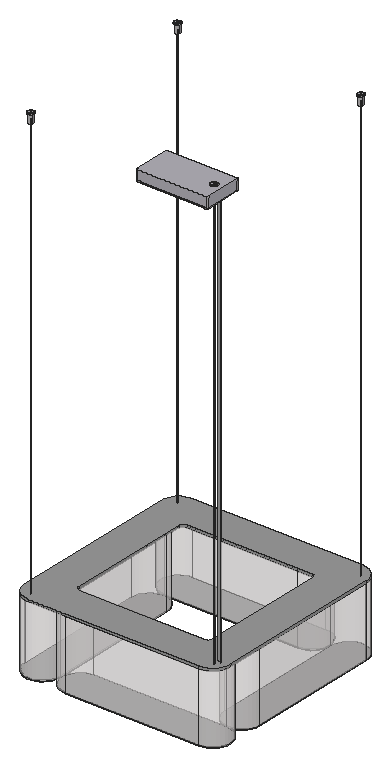
Revit family "Lighting - Lumetta - Pendant - BP52308", category Lighting Fixtures, host Ceiling, Revit 2015
Parameters
  Wattage = 34.1318 W
  built-in parameter 1150110 = 1 (stored number, unit not read)
  URL = ""
  built-in parameter 1114217 = 3 (stored number, unit not read)
  Bottom Lens-Material [instance] = Acrylic - P95 - Etched White
  built-in parameter 1150109 = 1 (stored number, unit not read)
  built-in parameter 1150134 = (empty or 0)
  built-in parameter 1150113 = 1 (stored number, unit not read)
  Fixture Center [instance] = Frame Width / 2  # 0' - 11 1/2"
  BP52308 URL [instance] = ""
  Model = "BP52308"  # constant formula
  Manufacturer = "Lumetta, Inc."  # constant formula
  Lumens = 5070 lm
  built-in parameter 1150115 = 1 (stored number, unit not read)
  built-in parameter 1150105 = 403.46 (stored number, unit not read)
  Light Source Symbol Size = 0' - 2"
  built-in parameter 1150137 = (empty or 0)
  built-in parameter 1150139 = (empty or 0)
  built-in parameter 1150112 = 1 (stored number, unit not read)
  built-in parameter 1150114 = 1 (stored number, unit not read)
  built-in parameter 1150132 = 2
  built-in parameter 1150102 = (empty or 0)
  built-in parameter 1150138 = (empty or 0)
  built-in parameter 1150107 = 3000 (stored number, unit not read)
  built-in parameter 1150106 = 4.0346 (stored number, unit not read)
  Frame Width [instance] = 1' - 11"
  Frame Length [instance] = 1' - 11"
  Frame Finish [instance] = Paint - Lumetta - F02 - PC_Chrome
  Frame Height = 0' - 8"
  Fixture Drop [instance] = 4' - 0"
  Emit from Line Length = 1' - 3 87/128"
  built-in parameter 1150104 = 13.8 (stored number, unit not read)
  Dimming Lamp Color Temperature Shift = <None>
  Diffuser Material [instance] = Shade - Lumetta - D61 - MT_White
  Description = "23 Inch Brink Pendant"  # constant formula
  Cord Color [instance] = Cord, Black
  Color Filter = 16777215
  built-in parameter 1114218 = 1 (stored number, unit not read)
  built-in parameter 1150133 = 10 (stored number, unit not read)
Reference planes (in)
  plane 1 "Light Source Axis (F/B)": y = 0
  plane 2 "Ceiling": z = 99.76773
  plane 3 "Light Source Axis (L/R)": x = 0.0625
  plane 4 "Light Source Elevation": z = 49.26773
  plane 5 "Frame Top": z = 51.76773
  plane 6 "Frame BTM": z = 43.76773
  plane 7 "Lamping Start": z = 51.26773
  plane 8 "Fixture Center": y = 9.5
  plane 9 "Fixture Left": x = -13.5
  plane 10 "Fixture Right": x = 9.5
  plane 11 "Fixture Back": y = 21
  plane 12 "Fixture Front": y = -2
  plane 13 "Ball Nut PLane": x = 4.75
  plane 14 "Fixture Center F/B": x = -2
Forms (in)
  Extrusion 1, solid, material "Paint - Lumetta - F02 - PC_Chrome" <- "Frame Finish"
    sketch origin (0, 0, 99.76773) x (1, 0, 0) y (0, 1, 0)
      loop
        arc (1.4, 1.375) -> (1.29393, 1.33107) -> (1.25, 1.225) r 0.15
        line (1.25, 1.225) -> (1.25, -2.72656)
        arc (1.25, -2.72656) -> (1.29348, -2.83152) -> (1.39844, -2.875) r 0.14844
        line (1.39844, -2.875) -> (9.10156, -2.875)
        arc (9.10156, -2.875) -> (9.20652, -2.83152) -> (9.25, -2.72656) r 0.14844
        line (9.25, -2.72656) -> (9.25, 1.22656)
        arc (9.25, 1.22656) -> (9.20652, 1.33152) -> (9.10156, 1.375) r 0.14844
        line (9.10156, 1.375) -> (1.4, 1.375)
    from 0 to -1.25333
  Revolve 2, solid, material "Paint - Lumetta - F02 - PC_Chrome" <- "Frame Finish", not visible
    sketch origin (17.07852, 0, 0) x (1, 0, 0) y (0, 0, 1)
      loop
        line (-8.82852, 98.51773) -> (-8.82852, 98.01773) -> (-8.5473, 98.01773) -> (-8.45291, 98.51773) -> (-8.82852, 98.51773)
      axis (-8.82852, 98.01773) -> (-8.82852, 98.51773)
    angle from 0 to 360
  Extrusion 3, solid, material "Cord, Black" <- "Cord Color"
    sketch origin (0, 0, 99.76773) x (1, 0, 0) y (0, 1, 0)
      loop
        circle (8.25, 0) r 0.1566
    from -1.25333 to -48.5
  Extrusion 4, solid, material "Steel, Galvanized"
    sketch origin (0, 0, 96.01773) x (1, 0, 0) y (0, 1, 0)
      loop
        circle (-12.24999, -0.75) r 0.03252
      loop
        circle (8.25, -0.75) r 0.03265
      loop
        circle (-12.24999, 19.75) r 0.03252
      loop
        circle (8.25, 19.75) r 0.03265
    from 3.75 to -44.75
  Extrusion 5, solid, material "Shade - Lumetta - D61 - MT_White" <- "Diffuser Material"
    sketch origin (0, 0, 43.76773) x (-1, 0, 0) y (0, -1, 0)
      loop
        arc (7.375, -2) -> (9.375, 0) -> (7.375, 2) r 2
        line (7.375, 2) -> (-7.5, 2)
        arc (-7.5, 2) -> (-9.5, 0) -> (-7.5, -2) r 2
        line (-7.5, -2) -> (7.375, -2)
      loop
        line (-7.5, -1.96875) -> (7.375, -1.96875)
        arc (7.375, -1.96875) -> (9.34375, 0) -> (7.375, 1.96875) r 1.96875
        line (7.375, 1.96875) -> (-7.5, 1.96875)
        arc (-7.5, 1.96875) -> (-9.46875, 0) -> (-7.5, -1.96875) r 1.96875
      loop
        arc (-5.5, -4.125) -> (-7.5, -2.125) -> (-9.5, -4.125) r 2
        line (-9.5, -4.125) -> (-9.5, -19)
        arc (-9.5, -19) -> (-7.5, -21) -> (-5.5, -19) r 2
        line (-5.5, -19) -> (-5.5, -4.125)
      loop
        line (-5.53125, -19) -> (-5.53125, -4.125)
        arc (-5.53125, -4.125) -> (-7.5, -2.15625) -> (-9.46875, -4.125) r 1.96875
        line (-9.46875, -4.125) -> (-9.46875, -19)
        arc (-9.46875, -19) -> (-7.5, -20.96875) -> (-5.53125, -19) r 1.96875
      loop
        arc (-3.375, -17) -> (-5.375, -19) -> (-3.375, -21) r 2
        line (-3.375, -21) -> (11.5, -21)
        arc (11.5, -21) -> (13.5, -19) -> (11.5, -17) r 2
        line (11.5, -17) -> (-3.375, -17)
      loop
        line (11.5, -17.03125) -> (-3.375, -17.03125)
        arc (-3.375, -17.03125) -> (-5.34375, -19) -> (-3.375, -20.96875) r 1.96875
        line (-3.375, -20.96875) -> (11.5, -20.96875)
        arc (11.5, -20.96875) -> (13.46875, -19) -> (11.5, -17.03125) r 1.96875
      loop
        arc (9.5, -14.875) -> (11.5, -16.875) -> (13.5, -14.875) r 2
        line (13.5, -14.875) -> (13.5, 0)
        arc (13.5, 0) -> (11.5, 2) -> (9.5, 0) r 2
        line (9.5, 0) -> (9.5, -14.875)
      loop
        line (9.53125, 0) -> (9.53125, -14.875)
        arc (9.53125, -14.875) -> (11.5, -16.84375) -> (13.46875, -14.875) r 1.96875
        line (13.46875, -14.875) -> (13.46875, 0)
        arc (13.46875, 0) -> (11.5, 1.96875) -> (9.53125, 0) r 1.96875
    from 0 to 7.73738
  Extrusion 6, solid, material "Acrylic - 2447 - White"
    sketch origin (0, 0, 51.76773) x (0, -1, 0) y (1, 0, 0)
      loop
        arc (-21, -11.5) -> (-20.41421, -12.91421) -> (-19, -13.5) r 2
        line (-19, -13.5) -> (0, -13.5)
        arc (0, -13.5) -> (1.41421, -12.91421) -> (2, -11.5) r 2
        line (2, -11.5) -> (2, 7.5)
        arc (2, 7.5) -> (1.41421, 8.91421) -> (0, 9.5) r 2
        line (0, 9.5) -> (-18.9375, 9.5)
        arc (-18.9375, 9.5) -> (-20.39591, 8.89591) -> (-21, 7.4375) r 2.0625
        line (-21, 7.4375) -> (-21, -11.5)
      loop
        arc (-17, -9) -> (-16.85355, -9.35355) -> (-16.5, -9.5) r 0.5
        line (-16.5, -9.5) -> (-2.5, -9.5)
        arc (-2.5, -9.5) -> (-2.14645, -9.35355) -> (-2, -9) r 0.5
        line (-2, -9) -> (-2, 5)
        arc (-2, 5) -> (-2.14645, 5.35355) -> (-2.5, 5.5) r 0.5
        line (-2.5, 5.5) -> (-16.5, 5.5)
        arc (-16.5, 5.5) -> (-16.85355, 5.35355) -> (-17, 5) r 0.5
        line (-17, 5) -> (-17, -9)
    from -0.26262 to 0
  Sweep 7, void
    path in 3D
      loop
        arc (9.25, -2.72656, 98.5144) -> (9.20652, -2.83152, 98.5144) -> (9.10156, -2.875, 98.5144) r 0.14844
        line (9.10156, -2.875, 98.5144) -> (1.39844, -2.875, 98.5144)
        arc (1.39844, -2.875, 98.5144) -> (1.29348, -2.83152, 98.5144) -> (1.25, -2.72656, 98.5144) r 0.14844
        line (1.25, -2.72656, 98.5144) -> (1.25, 1.225, 98.5144)
        arc (1.25, 1.225, 98.5144) -> (1.29393, 1.33107, 98.5144) -> (1.4, 1.375, 98.5144) r 0.15
        line (1.4, 1.375, 98.5144) -> (9.10156, 1.375, 98.5144)
        arc (9.10156, 1.375, 98.5144) -> (9.20652, 1.33152, 98.5144) -> (9.25, 1.22656, 98.5144) r 0.14844
        line (9.25, 1.22656, 98.5144) -> (9.25, -2.72656, 98.5144)
    profile origin (9.25, -0.75, 98.5144) x (-1, 0, 0) y (0, 0, -1)
      loop
        arc (0, -0.10156) -> (0.02975, -0.02975) -> (0.10156, 0) r 0.10156
        line (0.10156, 0) -> (0.10156, 0.16534) -> (-0.4389, 0.16534) -> (-0.4389, -0.10156) -> (0, -0.10156)
  Revolve 8, solid, material "Paint - Lumetta - F02 - PC_Chrome" <- "Frame Finish"
    sketch origin (4.75, 0, 0) x (0, -1, 0) y (0, 0, 1)
      loop
        arc (-0.625, 98.51773) -> (-0.8125, 98.33023) -> (-0.625, 98.14273) r 0.1875
        line (-0.625, 98.14273) -> (-0.625, 98.51773)
      axis (-0.625, 98.51773) -> (-0.625, 98.14273)
    angle from 0 to 360
  Revolve 9, solid, material "Paint - Lumetta - F02 - PC_Chrome" <- "Frame Finish"
    sketch origin (4.75, -2.89731, 0) x (0, -1, 0) y (0, 0, 1)
      loop
        arc (-0.77231, 98.51773) -> (-0.95981, 98.33023) -> (-0.77231, 98.14273) r 0.1875
        line (-0.77231, 98.14273) -> (-0.77231, 98.51773)
      axis (-0.77231, 98.51773) -> (-0.77231, 98.14273)
    angle from 0 to 360
  Extrusion 10, solid, material "Paint - Lumetta - F02 - PC_Chrome" <- "Frame Finish"
    sketch origin (0, 0, 99.76773) x (1, 0, 0) y (0, 1, 0)
      loop
        circle (-12.24999, -0.75) r 0.375
      loop
        circle (8.25, -0.75) r 0.375
      loop
        circle (-12.24999, 19.75) r 0.375
      loop
        circle (8.25, 19.75) r 0.375
    from -0.01887 to 0
  Extrusion 11, solid, material "Paint - Lumetta - F02 - PC_Chrome" <- "Frame Finish"
    sketch origin (0, 0, 99.76773) x (1, 0, 0) y (0, 1, 0)
      loop
        circle (-12.24999, 19.75) r 0.25
      loop
        circle (8.25, 19.75) r 0.25
      loop
        circle (-12.24999, -0.75) r 0.25
      loop
        circle (8.25, -0.75) r 0.25
    from -1.00383 to 0
  Extrusion 12, solid, material "Acrylic - P95 - Etched White" <- "Bottom Lens-Material"
    sketch origin (0, 0, 43.76773) x (-1, 0, 0) y (0, -1, 0)
      loop
        arc (11.5, -20.96875) -> (13.46875, -19) -> (11.5, -17.03125) r 1.96875
        line (11.5, -17.03125) -> (-3.375, -17.03125)
        arc (-3.375, -17.03125) -> (-5.34375, -19) -> (-3.375, -20.96875) r 1.96875
        line (-3.375, -20.96875) -> (11.5, -20.96875)
      loop
        arc (-9.46875, -19) -> (-7.5, -20.96875) -> (-5.53125, -19) r 1.96875
        line (-5.53125, -19) -> (-5.53125, -4.125)
        arc (-5.53125, -4.125) -> (-7.5, -2.15625) -> (-9.46875, -4.125) r 1.96875
        line (-9.46875, -4.125) -> (-9.46875, -19)
      loop
        arc (-7.5, 1.96875) -> (-9.46875, 0) -> (-7.5, -1.96875) r 1.96875
        line (-7.5, -1.96875) -> (7.375, -1.96875)
        arc (7.375, -1.96875) -> (9.34375, 0) -> (7.375, 1.96875) r 1.96875
        line (7.375, 1.96875) -> (-7.5, 1.96875)
      loop
        arc (13.46875, 0) -> (11.5, 1.96875) -> (9.53125, 0) r 1.96875
        line (9.53125, 0) -> (9.53125, -14.875)
        arc (9.53125, -14.875) -> (11.5, -16.84375) -> (13.46875, -14.875) r 1.96875
        line (13.46875, -14.875) -> (13.46875, 0)
    from 0 to 0.12421
Cuts and joins
  Sweep 7 cuts Extrusion 1
Lines and regions (in)
  sketch lines
    curve 1: line (9.25, 1.22656, 98.5144) -> (9.25, -2.72656, 98.5144)
    curve 2: arc (9.25, 1.22656, 98.5144) -> (9.20652, 1.33152, 98.5144) -> (9.10156, 1.375, 98.5144) r 0.14844
    curve 3: line (1.4, 1.375, 98.5144) -> (9.10156, 1.375, 98.5144)
    curve 4: arc (1.4, 1.375, 98.5144) -> (1.29393, 1.33107, 98.5144) -> (1.25, 1.225, 98.5144) r 0.15
    curve 5: line (1.25, -2.72656, 98.5144) -> (1.25, 1.225, 98.5144)
    curve 6: arc (1.25, -2.72656, 98.5144) -> (1.29348, -2.83152, 98.5144) -> (1.39844, -2.875, 98.5144) r 0.14844
    curve 7: line (9.10156, -2.875, 98.5144) -> (1.39844, -2.875, 98.5144)
    curve 8: arc (9.10156, -2.875, 98.5144) -> (9.20652, -2.83152, 98.5144) -> (9.25, -2.72656, 98.5144) r 0.14844
Dimensions and locks (in)
  equal spacing: host sketch curve, plane 3 "Light Source Axis (L/R)", host sketch curve
  equal spacing: host sketch curve, plane 1 "Light Source Axis (F/B)", host sketch curve
  host sketch curve to host sketch curve = 10' - 0"  (x2)
  Revolve 2 sketch curve to plane 3 "Light Source Axis (L/R)" = 0' - 8 3/16"
  locked: plane 5 "Frame Top" to plane 7 "Lamping Start" at 0.5
  plane 7 "Lamping Start" to plane 4 "Light Source Elevation" = 0' - 2"
  "Frame Height": plane 5 "Frame Top" to plane 6 "Frame BTM"
  "Fixture Drop": plane 2 "Ceiling" to plane 5 "Frame Top"
  locked: Extrusion 1 sketch curve to Extrusion 1 sketch curve at 8
  locked: Extrusion 1 sketch curve to Extrusion 1 sketch curve at 4.25
  locked: plane 2 "Ceiling" to Extrusion 1 at 1.25333
  locked: Revolve 2 sketch curve to Revolve 2 sketch curve at 0.5
  locked: Revolve 2 sketch curve to Revolve 2 sketch curve at 0.3756
  locked: Revolve 2 sketch curve to Revolve 2 sketch curve at 0.28122
  Extrusion 6 sketch curve to Extrusion 6 sketch curve = 1' - 11"  (x2)
  locked: Extrusion 6 to Extrusion 6 at 0.26262
  locked: Extrusion 5 sketch curve to Extrusion 5 sketch curve at 14.875  (x4)
  locked: plane 3 "Light Source Axis (L/R)" to Extrusion 6 sketch curve at 9.4375
  locked: plane 8 "Fixture Center" to plane 1 "Light Source Axis (F/B)" at 9.5
  Extrusion 4 sketch curve to Extrusion 4 sketch curve = 1' - 8 1/2"
  locked: Extrusion 4 sketch curve to plane 1 "Light Source Axis (F/B)" at 0.75
  "Frame Length": plane 9 "Fixture Left" to plane 10 "Fixture Right"
  locked: plane 3 "Light Source Axis (L/R)" to plane 10 "Fixture Right" at 9.4375
  "Frame Width": plane 12 "Fixture Front" to plane 11 "Fixture Back"
  locked: plane 8 "Fixture Center" to plane 12 "Fixture Front" at 11.5
  locked: plane 3 "Light Source Axis (L/R)" to Extrusion 1 sketch curve at 1.1875
  locked: imposter light to Extrusion 1 sketch curve at 1.375
  locked: plane 10 "Fixture Right" to Revolve 2 sketch curve at 1.25
  locked: Revolve 2 sketch curve to Revolve 2 sketch curve
  locked: Extrusion 4 sketch curve to plane 10 "Fixture Right" at 1.25
  locked: Extrusion 3 sketch curve to plane 10 "Fixture Right" at 1.25
  locked: Extrusion 3 sketch curve to plane 1 "Light Source Axis (F/B)"
  plane 2 "Ceiling" to Revolve 8 sketch curve = 0' - 1 7/16"
  locked: Revolve 8 sketch curve to Revolve 8 sketch curve at 0
  plane 12 "Fixture Front" to Revolve 8 sketch curve = 0' - 2 5/8"
  locked: Revolve 9 sketch curve to Revolve 9 sketch curve at 0
  locked: Revolve 9 sketch curve to plane 12 "Fixture Front" at 0.125
  locked: plane 2 "Ceiling" to Extrusion 10 at 0.01887
  locked: plane 2 "Ceiling" to Extrusion 11 at 1.00383
  plane 9 "Fixture Left" to Extrusion 6 sketch curve = 0' - 2"
  Extrusion 6 sketch curve to plane 10 "Fixture Right" = 0' - 2 1/16"
  plane 10 "Fixture Right" to Extrusion 6 sketch curve = 0' - 0"
  locked: Extrusion 6 sketch curve to Extrusion 6 sketch curve at 4
  locked: Extrusion 12 to plane 6 "Frame BTM" at 0.12421
  locked: plane 9 "Fixture Left" to plane 14 "Fixture Center F/B" at 11.5
  locked: nested 1 to plane 10 "Fixture Right" at 2
  locked: nested 2 to plane 11 "Fixture Back" at 2
  locked: plane 9 "Fixture Left" to nested 3 at 2
  radius of Extrusion 1 sketch curve = 0' - 0 19/128"  (x3)
  radius of Extrusion 1 sketch curve = 0' - 0.15"
  aligned and locked: plane 3 "Light Source Axis (L/R)" to imposter light
  aligned and locked: plane 1 "Light Source Axis (F/B)" to imposter light
  aligned and locked: plane 4 "Light Source Elevation" to imposter light
  aligned and locked: Extrusion 3 to Extrusion 1
  aligned and locked: Extrusion 3 to plane 7 "Lamping Start"
  aligned and locked: Extrusion 4 to plane 7 "Lamping Start"
  aligned and locked: Extrusion 6 to plane 5 "Frame Top"
  aligned and locked: Extrusion 5 to Extrusion 6
  aligned and locked: Extrusion 5 to plane 6 "Frame BTM"
  aligned and locked: plane 2 "Ceiling" to Extrusion 4
  aligned and locked: plane 2 "Ceiling" to Extrusion 10
  aligned and locked: plane 2 "Ceiling" to Extrusion 11
  aligned and locked: Extrusion 12 to plane 6 "Frame BTM"
Automatic sketch dimensions
  Revolve 2 sketch curve to plane 2 "Ceiling" = 0' - 1 3/4"
  Revolve 2 sketch curve to Revolve 2 sketch curve = 0' - 0 7/16"
  plane 2 "Ceiling" to Revolve 2 sketch curve = 0' - 2 11/16"
  plane 9 "Fixture Left" to Extrusion 4 sketch curve = 0' - 1 1/4"
  Extrusion 4 sketch curve to plane 10 "Fixture Right" = 0' - 1 1/4"
  plane 1 "Light Source Axis (F/B)" to Extrusion 4 sketch curve = 0' - 0 3/4"
  plane 11 "Fixture Back" to Extrusion 4 sketch curve = 0' - 1 1/4"  (x2)
  Extrusion 5 sketch curve to Extrusion 5 sketch curve = 0' - 0"  (x16)
  Extrusion 5 sketch curve to plane 10 "Fixture Right" = 0' - 0"
  Extrusion 5 sketch curve to plane 12 "Fixture Front" = 0' - 0"
  plane 1 "Light Source Axis (F/B)" to Extrusion 5 sketch curve = 0' - 0"  (x2)
  plane 11 "Fixture Back" to Extrusion 5 sketch curve = 0' - 0"
  Extrusion 5 sketch curve to plane 9 "Fixture Left" = 0' - 0"
  Extrusion 5 sketch curve to plane 10 "Fixture Right" = 0' - 0 1/32"
  Extrusion 5 sketch curve to plane 10 "Fixture Right" = 0' - 2"
  Extrusion 5 sketch curve to Extrusion 5 sketch curve = 0' - 1 31/32"  (x2)
  plane 13 "Ball Nut PLane" to Extrusion 5 sketch curve = 0' - 1 3/8"
  Extrusion 5 sketch curve to Extrusion 5 sketch curve = 0' - 2 1/8"
  Extrusion 5 sketch curve to Extrusion 5 sketch curve = 0' - 0 1/32"  (x3)
  plane 11 "Fixture Back" to Extrusion 5 sketch curve = 0' - 2"
  plane 11 "Fixture Back" to Extrusion 6 sketch curve = 0' - 0"
  plane 1 "Light Source Axis (F/B)" to Extrusion 6 sketch curve = 0' - 0"  (x2)
  Extrusion 6 sketch curve to Extrusion 6 sketch curve = 0' - 2"
  Extrusion 6 sketch curve to Extrusion 6 sketch curve = 0' - 0 1/2"  (x3)
  Extrusion 6 sketch curve to plane 13 "Ball Nut PLane" = 0' - 0 1/4"
  Extrusion 6 sketch curve to plane 1 "Light Source Axis (F/B)" = 0' - 2 1/2"  (x2)
  Sweep 7 sketch curve to profile plane = 0' - 0"  (x2)
  Sweep 7 sketch curve to profile plane = 0' - 0 13/128"
  Sweep 7 sketch curve to Sweep 7 sketch curve = 0' - 0.4389"
  Sweep 7 sketch curve to Sweep 7 sketch curve = 0' - 0.16534"
  Revolve 8 sketch curve to Revolve 8 sketch curve = 0' - 0 3/16"
  Revolve 8 sketch curve to Revolve 8 sketch curve = 0' - 1 5/8"
  plane 2 "Ceiling" to Revolve 8 sketch curve = 0' - 1 1/2"
  Revolve 9 sketch curve to plane 2 "Ceiling" = 0' - 1 5/8"
  Revolve 9 sketch curve to Revolve 9 sketch curve = 0' - 0 3/16"
  Revolve 9 sketch curve to Revolve 9 sketch curve = 0' - 1 5/8"
  plane 2 "Ceiling" to Revolve 9 sketch curve = 0' - 1 1/2"
  plane 9 "Fixture Left" to Extrusion 10 sketch curve = 0' - 1 1/4"  (x2)
  Extrusion 10 sketch curve to plane 10 "Fixture Right" = 0' - 1 1/4"  (x2)
  plane 1 "Light Source Axis (F/B)" to Extrusion 10 sketch curve = 0' - 0 3/4"  (x2)
  plane 11 "Fixture Back" to Extrusion 10 sketch curve = 0' - 1 1/4"  (x2)
  plane 9 "Fixture Left" to Extrusion 11 sketch curve = 0' - 1 1/4"  (x2)
  Extrusion 11 sketch curve to plane 10 "Fixture Right" = 0' - 1 1/4"  (x2)
  plane 1 "Light Source Axis (F/B)" to Extrusion 11 sketch curve = 0' - 0 3/4"  (x2)
  plane 11 "Fixture Back" to Extrusion 11 sketch curve = 0' - 1 1/4"  (x2)
  plane 1 "Light Source Axis (F/B)" to Extrusion 12 sketch curve = 0' - 0"  (x2)
  Extrusion 12 sketch curve to plane 10 "Fixture Right" = 0' - 0 1/32"
  plane 12 "Fixture Front" to Extrusion 12 sketch curve = 0' - 0 1/32"
  Extrusion 12 sketch curve to plane 10 "Fixture Right" = 0' - 2"
  Extrusion 12 sketch curve to Extrusion 12 sketch curve = 0' - 1 31/32"  (x3)
  plane 13 "Ball Nut PLane" to Extrusion 12 sketch curve = 0' - 1 3/8"
  plane 14 "Fixture Center F/B" to Extrusion 12 sketch curve = 0' - 5 3/8"
  Extrusion 12 sketch curve to Extrusion 12 sketch curve = 0' - 2 5/32"  (x3)
  plane 9 "Fixture Left" to Extrusion 12 sketch curve = 0' - 2"
  plane 8 "Fixture Center" to Extrusion 12 sketch curve = 0' - 5 3/8"
  plane 11 "Fixture Back" to Extrusion 12 sketch curve = 0' - 2"
  radius of Extrusion 3 sketch curve = 0' - 0.1566"
  radius of Extrusion 4 sketch curve = 0' - 0.03252"  (x2)
  radius of Extrusion 4 sketch curve = 0' - 0.03265"  (x2)
  radius of Extrusion 10 sketch curve = 0' - 0 3/8"  (x4)
  radius of Extrusion 11 sketch curve = 0' - 0 1/4"  (x4)
Nested families (in)
  nested 1: "Lighting - Lumetta - Pendant - BP5230X-Lamping" at (7.5, 11.0625, 0) x (0, -1, 0) z (0, 0, 1), type "Lighting - Lumetta - Pendant - BP5230X-Lamping"
    with Frame Width 1' - 11", Frame Length 1' - 11", Frame Finish Paint - Lumetta - F02 - PC_Chrome, Fixture Drop 4' - 0", Fixture Center 0' - 11 1/2", Diffuser Material Shade - Lumetta - D61 - MT_White, Cord Color Cord, Black, Bottom Lens-Material Acrylic - P95 - Etched White, BP52308 URL "https://lumetta.com/luminaires/linear-acoustic-box-48x24-pendant/"
  nested 2: "Lighting - Lumetta - Pendant - BP5230X-Lamping" at (-4, 19, 0), type "Lighting - Lumetta - Pendant - BP5230X-Lamping"
    with Frame Width 1' - 11", Frame Length 1' - 11", Frame Finish Paint - Lumetta - F02 - PC_Chrome, Fixture Drop 4' - 0", Fixture Center 0' - 11 1/2", Diffuser Material Shade - Lumetta - D61 - MT_White, Cord Color Cord, Black, Bottom Lens-Material Acrylic - P95 - Etched White, BP52308 URL "https://lumetta.com/luminaires/linear-acoustic-box-48x24-pendant/"
  nested 3: "Lighting - Lumetta - Pendant - BP5230X-Lamping" at (-11.5, 7.3125, 0) x (0, -1, 0) z (0, 0, 1), type "Lighting - Lumetta - Pendant - BP5230X-Lamping"
    with Frame Width 1' - 11", Frame Length 1' - 11", Frame Finish Paint - Lumetta - F02 - PC_Chrome, Fixture Drop 4' - 0", Fixture Center 0' - 11 1/2", Diffuser Material Shade - Lumetta - D61 - MT_White, Cord Color Cord, Black, Bottom Lens-Material Acrylic - P95 - Etched White, BP52308 URL "https://lumetta.com/luminaires/linear-acoustic-box-48x24-pendant/"
Definition of nested family "Lighting - Lumetta - Pendant - BP5230X-Lamping"
  Parameters (values of type "Lighting - Lumetta - Pendant - BP5230X-Lamping")
    Wattage = 34.1318 W
    built-in parameter 1150110 = 1 (stored number, unit not read)
    URL = "https://lumetta.com/luminaires/linear-acoustic-box-48x24-pendant/"
    built-in parameter 1114217 = 3 (stored number, unit not read)
    Bottom Lens-Material [instance] = none
    built-in parameter 1150109 = 1 (stored number, unit not read)
    built-in parameter 1150134 = (empty or 0)
    built-in parameter 1150113 = 1 (stored number, unit not read)
    Fixture Center [instance] = Frame Width / 2  # 0' - 11 1/2"
    BP52308 URL [instance] = "https://lumetta.com/luminaires/linear-acoustic-box-48x24-pendant/"
    Model = "BP52308"  # constant formula
    Manufacturer = "Lumetta, Inc."  # constant formula
    Lumens = 5070 lm
    built-in parameter 1150115 = 1 (stored number, unit not read)
    built-in parameter 1150105 = 403.46 (stored number, unit not read)
    Light Source Symbol Size = 0' - 2"
    built-in parameter 1150137 = (empty or 0)
    built-in parameter 1150139 = (empty or 0)
    built-in parameter 1150112 = 1 (stored number, unit not read)
    built-in parameter 1150114 = 1 (stored number, unit not read)
    built-in parameter 1150132 = 2
    built-in parameter 1150102 = (empty or 0)
    built-in parameter 1150138 = (empty or 0)
    built-in parameter 1150107 = 3000 (stored number, unit not read)
    built-in parameter 1150106 = 4.0346 (stored number, unit not read)
    Frame Width [instance] = 1' - 11"
    Frame Length [instance] = 1' - 11"
    Frame Finish [instance] = none
    Frame Height = 0' - 8"
    Fixture Drop [instance] = 4' - 0"
    Emit from Line Length = 1' - 3 87/128"
    built-in parameter 1150104 = 13.8 (stored number, unit not read)
    Dimming Lamp Color Temperature Shift = (empty or 0)
    Diffuser Material [instance] = none
    Description = "Linear Acoustic Box 48×24 Pendant"  # constant formula
    Cord Color [instance] = none
    Color Filter = 16777215
    built-in parameter 1114218 = 1 (stored number, unit not read)
    built-in parameter 1150133 = 10 (stored number, unit not read)
  Reference planes (in)
    plane 1 "Light Source Axis (F/B)": y = 0
    plane 2 "Ceiling": z = 99.76773
    plane 3 "Light Source Axis (L/R)": x = 0.0625
    plane 4 "Light Source Elevation": z = 49.26773
    plane 5 "Frame Top": z = 51.76773
    plane 6 "Frame BTM": z = 43.76773
    plane 7 "Lamping Start": z = 51.26773
    plane 8 "Fixture Center": y = 9.5
    plane 9 "Fixture Left": x = -13.5
    plane 10 "Fixture Right": x = 9.5
    plane 11 "Fixture Back": y = 21
    plane 12 "Fixture Front": y = -2
    plane 13 "Ball Nut PLane": x = 4.75
    plane 14 "Fixture Center F/B": x = -2
  Dimensions and locks (in)
    equal spacing: host sketch curve, plane 3 "Light Source Axis (L/R)", host sketch curve
    equal spacing: host sketch curve, plane 1 "Light Source Axis (F/B)", host sketch curve
    host sketch curve to host sketch curve = 10' - 0"  (x2)
    locked: plane 5 "Frame Top" to plane 7 "Lamping Start" at 0.5
    plane 7 "Lamping Start" to plane 4 "Light Source Elevation" = 0' - 2"
    "Frame Height": plane 5 "Frame Top" to plane 6 "Frame BTM"
    "Fixture Drop": plane 2 "Ceiling" to plane 5 "Frame Top"
    locked: plane 8 "Fixture Center" to plane 1 "Light Source Axis (F/B)" at 9.5
    "Frame Length": plane 9 "Fixture Left" to plane 10 "Fixture Right"
    locked: plane 3 "Light Source Axis (L/R)" to plane 10 "Fixture Right" at 9.4375
    "Frame Width": plane 12 "Fixture Front" to plane 11 "Fixture Back"
    locked: plane 8 "Fixture Center" to plane 12 "Fixture Front" at 11.5
    locked: plane 9 "Fixture Left" to plane 14 "Fixture Center F/B" at 11.5
    aligned and locked: plane 3 "Light Source Axis (L/R)" to imposter light
    aligned and locked: plane 1 "Light Source Axis (F/B)" to imposter light
    aligned and locked: plane 4 "Light Source Elevation" to imposter light
